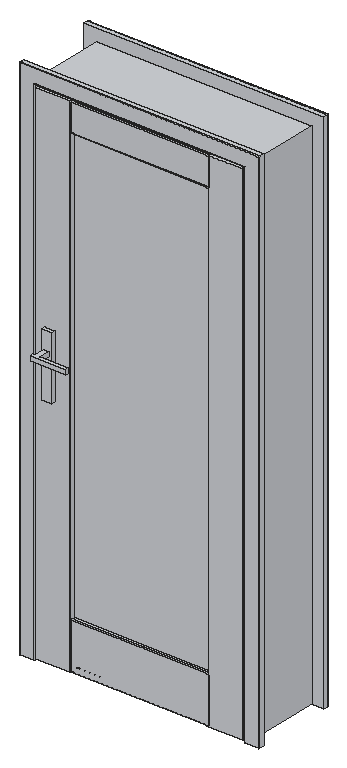
Revit family "b_portagrande_a0_pn60-100", category Drzwi, Revit 2016
Family settings
  Obiekt nadrzędny = Ściana
  Zawsze pionowo = Tak
  Tnij formami wycięć po wczytaniu = Nie
  Współdzielony = Nie
  Punkt obliczania pomieszczeń = Nie
Parameters (values of type "PN 80")
  Zakres szerokości muru [instance] = if(and(Szerokość ściany > 94 mm, Szerokość ściany < 120 mm), "B", (if(and(Szerokość ściany > 119 mm, Szerokość ściany < 140 mm), "C", (if(and(Szerokość ściany > 139 mm, Szerokość ściany < 160 mm), "D", (if(and(Szerokość ściany > 159 mm, Szerokość ściany < 180 mm), "E", (if(and(Szerokość ściany > 179 mm, Szerokość ściany < 200 mm), "F", (if(and(Szerokość ściany > 199 mm, Szerokość ściany < 220 mm), "G", (if(and(Szerokość ściany > 219 mm, Szerokość ściany < 240 mm), "H", (if(and(Szerokość ściany > 239 mm, Szerokość ściany < 260 mm), "I", (if(and(Szerokość ściany > 259 mm, Szerokość ściany < 280 mm), "J", (if(and(Szerokość ściany > 279 mm, Szerokość ściany < 301 mm), "K", "BRAK")))))))))))))))))))  # "K"
  Wysokość brutto = 2060 mm
  Szerokość ściany [instance] = 300 mm
  Szerokość brutto = 880 mm
  Model = "Porta GRANDE A.0"
  Konstrukcja analityczna = "<Brak>"
  Funkcja = Wewnętrzna
  URL = "www.porta.com.pl"
  Ss = 818 mm
  Sb = 846 mm
  Producent = "PORTA KMI POLAND"  # constant formula
  Keynote = ""
  Opis = "Własność Porta KMI Poland, wszelkie prawa zastrzeżone."  # constant formula
  Wysokość = 2016 mm
  Zakończenie ściany = Wg obiektu nadrzędnego
  Szerokość = 800 mm
  Materiał_skrzydło [instance] = none
  Materiał_ościeżnica [instance] = none
  Materiał_klamka [instance] = none
  Hs = 2017 mm
Types (5, lengths in mm): name | Szerokość brutto | Ss | Sb | Szerokość
  PN 70 | 780 | 718 | 746 | 700
  PN 60 | 680 | 618 | 646 | 600
  PN 80 | 880 | 818 | 846 | 800
  PN 90 | 980 | 918 | 946 | 900
  PN 100 | 1080 | 1018 | 1046 | 1000
Reference planes
  plane 1: y = 0
  plane 2 "Środek (Lewa/Prawa)": x = 0
  plane 3 "Lewy": x = -440
  plane 4 "Prawy": x = 440
  plane 5: z = 2060
  plane 6 "Zewnętrzna": y = 150
  plane 7 "Wewnętrzna": y = -150
  plane 8 "skrzydło": y = -129
Forms (mm)
  Sweep 1, solid, material <- "Materiał_ościeżnica"
    path in 3D
      loop
        line (-440, -150, 0) -> (-440, -150, 2060) -> (440, -150, 2060) -> (440, -150, 0)
    profile origin (-440, -150, 1030) x (0, -1, 0) y (1, 0, 0)
      loop
        line (-24, 39) -> (-72, 39) -> (-72, 17) -> (0, 17) -> (0, -33) -> (16, -33)
        arc (16, -33) -> (18.121, -32.121) -> (19, -30) r 3
        line (19, -30) -> (19, 24)
        arc (19, 24) -> (18.121, 26.121) -> (16, 27) r 3
        line (16, 27) -> (-24, 27) -> (-24, 39)
  Sweep 2, solid, material <- "Materiał_ościeżnica"
    path in 3D
      loop
        line (440, 150, 0) -> (440, 150, 2060) -> (-440, 150, 2060) -> (-440, 150, 0)
    profile origin (-440, 150, 1030) x (1, 0, 0) y (0, 1, 0)
      loop
        line (-33, 0) -> (17, 0) -> (17, -228) -> (39, -228) -> (39, -1)
        arc (39, -1) -> (37.536, 2.536) -> (34, 4) r 5
        line (34, 4) -> (25, 4) -> (25, 16)
        arc (25, 16) -> (24.121, 18.121) -> (22, 19) r 3
        line (22, 19) -> (-30, 19)
        arc (-30, 19) -> (-32.121, 18.121) -> (-33, 16) r 3
        line (-33, 16) -> (-33, 0)
  Sweep 3, solid, not visible
    path in 3D
      loop
        line (-440, -150, 0) -> (-440, -150, 2060)
    profile origin (-440, -150, 1030) x (0, -1, 0) y (1, 0, 0)
      loop
        line (-151, 17) -> (-149, 17) -> (-149, 19) -> (-151, 19) -> (-151, 17)
Cuts and joins
  joined: Sweep 1, Sweep 2
Lines and regions (mm)
  Opening 1
    outline origin (-3050, -150, 0) x (1, 0, 0) y (0, 0, 1)
      loop
        line (2610, 0) -> (3490, 0) -> (3490, 2060) -> (2610, 2060) -> (2610, 0)
  sketch lines
    curve 1: line (-440, -150, 0) -> (-440, -150, 2060)
    curve 2: line (-440, -150, 2060) -> (440, -150, 2060)
    curve 3: line (440, -150, 2060) -> (440, -150, 0)
    curve 4: line (-440, 150, 2060) -> (-440, 150, 0)
    curve 5: line (440, 150, 2060) -> (-440, 150, 2060)
    curve 6: line (440, 150, 0) -> (440, 150, 2060)
    curve 12: line (-440, -150, 0) -> (-440, -150, 2060)
  symbolic lines, style "DoorsPanelProjection"
    curve 7: line (409, -150, 0) -> (409, -968, 0)
    curve 8: line (409, -968, 0) -> (369, -968, 0)
    curve 9: line (369, -968, 0) -> (369, -150, 0)
    curve 10: line (369, -150, 0) -> (409, -150, 0)
  symbolic lines, style "Ugięcie rzutu"
    curve 11: arc (-409, -150, 0) -> (-169.413, -728.413, 0) -> (409, -968, 0) r 818
Text (mm)
  text "Zewnętrzna" at (-2295.016, 1099.543, 0), in view "Poziom odniesienia"
  text "Zewnętrzna" at (0, 1615.38, 3698.081), in view "Lewy"
  text "Zewnętrzna" at (0, 1036.032, 3874.932), in view "Prawy"
Dimensions and locks
  equal spacing: plane 3 "Lewy", plane 2 "Środek (Lewa/Prawa)", plane 4 "Prawy"
  "Szerokość brutto": plane 3 "Lewy" to plane 4 "Prawy"
  "Wysokość brutto": plane 5 to host wall
  host wall to plane 5 = 2060 mm  (x2)
  locked: plane 6 "Zewnętrzna" to host wall at 0
  locked: plane 7 "Wewnętrzna" to host wall
  "Sb": Sweep 1 to Sweep 1
  locked: Sweep 1 sketch curve to Sweep 1 sketch curve at 22
  Sweep 1 sketch curve to Sweep 1 sketch curve = 50 mm
  locked: Sweep 1 sketch curve to profile plane at 72
  locked: Sweep 2 sketch curve to Sweep 2 sketch curve at 50
  locked: Sweep 2 sketch curve to Sweep 2 sketch curve at 22
  locked: Sweep 2 sketch curve to plane 6 "Zewnętrzna" at 1
  locked: curve 9 to curve 7 at 40
  "Ss": curve 8 to curve 10
  equal spacing: curve 11, plane 2 "Środek (Lewa/Prawa)", curve 7
  locked: plane 7 "Wewnętrzna" to plane 8 "skrzydło" at 21
  locked: host wall to Sweep 3 sketch curve at 1
  locked: Sweep 3 sketch curve to host wall at 1
  locked: Sweep 3 sketch curve to plane 6 "Zewnętrzna" at 151
  locked: plane 7 "Wewnętrzna" to Sweep 3 sketch curve at 151
  equal spacing: nested 1, plane 2 "Środek (Lewa/Prawa)", nested 1
  locked: nested 1 to level at 8
  "Szerokość ściany": host wall to host wall
  aligned and locked: plane 3 "Lewy" to Opening 1 sketch curve
  aligned and locked: plane 5 to Opening 1 sketch curve  (x2)
  aligned and locked: Opening 1 sketch curve to plane 4 "Prawy"
  aligned and locked: Opening 1 sketch curve to level
  aligned and locked: plane 1 to host wall
  aligned and locked: Sweep 1 to Sweep 2 sketch curve
  aligned and locked: plane 7 "Wewnętrzna" to curve 10
  aligned and locked: Sweep 3 sketch curve to cut or joined group of Sweep 1, Sweep 2
  aligned and locked: Sweep 2 sketch curve to cut or joined group of Sweep 1, Sweep 2
  aligned and locked: nested 1 to plane 8 "skrzydło"
Automatic sketch dimensions
  profile plane to Sweep 1 sketch curve = 24 mm
  Sweep 1 sketch curve to profile plane = 16 mm  (x2)
  Sweep 1 sketch curve to Sweep 1 sketch curve = 3 mm
  profile plane to Sweep 1 sketch curve = 17 mm
  Sweep 1 sketch curve to Sweep 1 sketch curve = 7 mm
  Sweep 1 sketch curve to profile plane = 0 mm
  Sweep 2 sketch curve to profile plane = 0 mm
  Sweep 2 sketch curve to profile plane = 16 mm
  Sweep 2 sketch curve to Sweep 2 sketch curve = 3 mm
  Sweep 2 sketch curve to Sweep 2 sketch curve = 5 mm
  Sweep 2 sketch curve to profile plane = 4 mm
  Sweep 2 sketch curve to Sweep 2 sketch curve = 8 mm
  curve 11 to host wall = 0 mm
  Sweep 3 sketch curve to Sweep 3 sketch curve = 2 mm
Nested families
  nested 1: "skrzydło" at (0, -135.5, 0), Materiał_klamka <- "Materiał_klamka", Materiał_skrzydło <- "Materiał_skrzydło", type "skrzydło"
    with Materiał_skrzydło none, Materiał_klamka none
Definition of nested family "skrzydło"
  Parameters
    Ss = 818 mm
    Materiał_skrzydło [instance] = none
    Materiał_klamka [instance] = none
    Hs = 2017 mm
  Reference planes
    plane 1 "Tył": y = 6.5
    plane 2: z = 0
    plane 3 "Środek (Lewa/Prawa)": x = 0
    plane 4 "Lewa": x = -409
    plane 5 "Prawa": x = 409
    plane 6 "Przód": y = -33.5
    plane 7: z = 2025
    plane 8 "Centrum": y = -13.5
    plane 9: z = 8
    plane 10: x = -272
    plane 11: x = 272
  Forms (mm)
    Extrusion 1, solid, material <- "Materiał_skrzydło"
      sketch origin (-1191.728, -1524, 8) x (-1, 0, 0) y (0, -1, 0)
        loop
          line (-1465.378, -1490.5) -> (-1599.078, -1490.5)
          arc (-1599.078, -1490.5) -> (-1600.244, -1490.983) -> (-1600.728, -1492.15) r 1.65
          line (-1600.728, -1492.15) -> (-1600.728, -1528.8)
          arc (-1600.728, -1528.8) -> (-1600.23, -1530.002) -> (-1599.028, -1530.5) r 1.7
          line (-1599.028, -1530.5) -> (-1465.378, -1530.5)
          arc (-1465.378, -1530.5) -> (-1464.211, -1530.017) -> (-1463.728, -1528.85) r 1.65
          line (-1463.728, -1528.85) -> (-1463.728, -1492.15)
          arc (-1463.728, -1492.15) -> (-1464.211, -1490.983) -> (-1465.378, -1490.5) r 1.65
      from 0 to 2017
    Extrusion 2, solid, material <- "Materiał_skrzydło"
      sketch origin (0, 0, 0) x (0, 1, 0) y (0, 0, 1)
        loop
          line (4, 1911.65) -> (4, 2023.3)
          arc (4, 2023.3) -> (3.502, 2024.502) -> (2.3, 2025) r 1.7
          line (2.3, 2025) -> (-29.35, 2025)
          arc (-29.35, 2025) -> (-30.517, 2024.517) -> (-31, 2023.35) r 1.65
          line (-31, 2023.35) -> (-31, 1911.65)
          arc (-31, 1911.65) -> (-30.517, 1910.483) -> (-29.35, 1910) r 1.65
          line (-29.35, 1910) -> (2.35, 1910)
          arc (2.35, 1910) -> (3.517, 1910.483) -> (4, 1911.65) r 1.65
        loop
          line (2.35, 195) -> (-29.35, 195)
          arc (-29.35, 195) -> (-30.517, 194.517) -> (-31, 193.35) r 1.65
          line (-31, 193.35) -> (-31, 9.65)
          arc (-31, 9.65) -> (-30.517, 8.483) -> (-29.35, 8) r 1.65
          line (-29.35, 8) -> (-25, 8)
          arc (-25, 8) -> (-23.833, 8.483) -> (-23.35, 9.65) r 1.65
          arc (-23.35, 9.65) -> (-22.955, 10.605) -> (-22, 11) r 1.35
          line (-22, 11) -> (-5, 11)
          arc (-5, 11) -> (-4.045, 10.605) -> (-3.65, 9.65) r 1.35
          arc (-3.65, 9.65) -> (-3.167, 8.483) -> (-2, 8) r 1.65
          line (-2, 8) -> (2.35, 8)
          arc (2.35, 8) -> (3.517, 8.483) -> (4, 9.65) r 1.65
          line (4, 9.65) -> (4, 193.35)
          arc (4, 193.35) -> (3.517, 194.517) -> (2.35, 195) r 1.65
      from -272 to 272
    Extrusion 3, solid, material <- "Materiał_skrzydło"
      sketch origin (-892.016, -13.5, 1200) x (-1, 0, 0) y (0, 0, 1)
        loop
          line (-620.016, 710) -> (-1164.016, 710) -> (-1164.016, -1005) -> (-620.016, -1005) -> (-620.016, 710)
      from -4 to 4
    Extrusion 4, solid, material <- "Materiał_skrzydło"
      sketch origin (-1191.728, -1524, 8) x (-1, 0, 0) y (0, -1, 0)
        loop
          arc (-918.078, -1490.5) -> (-919.244, -1490.983) -> (-919.728, -1492.15) r 1.65
          line (-919.728, -1492.15) -> (-919.728, -1528.85)
          arc (-919.728, -1528.85) -> (-919.244, -1530.017) -> (-918.078, -1530.5) r 1.65
          line (-918.078, -1530.5) -> (-784.428, -1530.5)
          arc (-784.428, -1530.5) -> (-783.225, -1530.002) -> (-782.728, -1528.8) r 1.7
          line (-782.728, -1528.8) -> (-782.728, -1492.15)
          arc (-782.728, -1492.15) -> (-783.211, -1490.983) -> (-784.378, -1490.5) r 1.65
          line (-784.378, -1490.5) -> (-918.078, -1490.5)
      from 0 to 2017
  Dimensions and locks
    equal spacing: plane 4 "Lewa", plane 3 "Środek (Lewa/Prawa)", plane 5 "Prawa"
    "Ss": plane 4 "Lewa" to plane 5 "Prawa"
    locked: plane 9 to level at 8
    "Hs": plane 7 to plane 9
    locked: nested 1 to plane 9 at 934
    locked: plane 9 to nested 2 at 934
    equal spacing: plane 6 "Przód", plane 8 "Centrum", plane 1 "Tył"
    locked: plane 10 to plane 4 "Lewa" at 137
    locked: plane 5 "Prawa" to plane 11 at 137
    aligned and locked: nested 1 to plane 6 "Przód"
    aligned and locked: plane 5 "Prawa" to Extrusion 1 sketch curve
    aligned and locked: Extrusion 1 sketch curve to plane 1 "Tył"
    aligned and locked: Extrusion 1 sketch curve to plane 6 "Przód"
    aligned and locked: Extrusion 1 sketch curve to plane 11
    aligned and locked: plane 7 to Extrusion 1
    aligned and locked: Extrusion 2 to plane 10
    aligned and locked: plane 11 to Extrusion 2
    aligned and locked: plane 10 to Extrusion 3 sketch curve
    aligned and locked: plane 11 to Extrusion 3 sketch curve
    aligned and locked: plane 4 "Lewa" to Extrusion 4 sketch curve
    aligned and locked: Extrusion 4 sketch curve to plane 10
    aligned and locked: plane 7 to Extrusion 4
    aligned and locked: nested 2 to nested 1
  Automatic sketch dimensions
    Extrusion 4 sketch curve to plane 6 "Przód" = 0 mm
    plane 1 "Tył" to Extrusion 4 sketch curve = 0 mm
    Extrusion 4 sketch curve to plane 10 = 1.65 mm
    plane 1 "Tył" to Extrusion 4 sketch curve = 1.65 mm
    plane 4 "Lewa" to Extrusion 4 sketch curve = 1.7 mm
    plane 4 "Lewa" to Extrusion 4 sketch curve = 1.65 mm
    Extrusion 1 sketch curve to Extrusion 1 sketch curve = 1.65 mm
    Extrusion 1 sketch curve to plane 5 "Prawa" = 1.7 mm
    plane 11 to Extrusion 1 sketch curve = 1.65 mm  (x2)
    Extrusion 2 sketch curve to plane 7 = 0 mm
    Extrusion 2 sketch curve to plane 9 = 0 mm  (x2)
    plane 6 "Przód" to Extrusion 2 sketch curve = 2.5 mm  (x2)
    Extrusion 2 sketch curve to plane 7 = 1.65 mm
    Extrusion 2 sketch curve to Extrusion 2 sketch curve = 1.65 mm  (x5)
    plane 9 to Extrusion 2 sketch curve = 1.65 mm  (x2)
    Extrusion 2 sketch curve to Extrusion 2 sketch curve = 4.35 mm
    Extrusion 2 sketch curve to Extrusion 2 sketch curve = 0 mm  (x2)
    Extrusion 2 sketch curve to Extrusion 2 sketch curve = 1.35 mm
    plane 8 "Centrum" to Extrusion 2 sketch curve = 8.5 mm
    Extrusion 2 sketch curve to plane 7 = 1.7 mm
    plane 1 "Tył" to Extrusion 2 sketch curve = 4.2 mm
    plane 1 "Tył" to Extrusion 2 sketch curve = 4.15 mm  (x2)
    Extrusion 2 sketch curve to Extrusion 2 sketch curve = 182.35 mm
    Extrusion 2 sketch curve to Extrusion 2 sketch curve = 113.3 mm
    plane 9 to Extrusion 3 sketch curve = 187 mm
    Extrusion 3 sketch curve to Extrusion 3 sketch curve = 1715 mm
  Nested families
    nested 1: "KLAMKA" at (-354, -33.5, 1067), Materiał klamki <- "Materiał_klamka", type "KLAMKA"
      with Materiał klamki none
    nested 2: "KLAMKA" at (-354, 6.5, 1067), Materiał klamki <- "Materiał_klamka", type "KLAMKA"
      with Materiał klamki none
  Definition of nested family "KLAMKA"
    Parameters
      Materiał klamki [instance] = none
      Assembly Code = ""
      Default Elevation = 1219.2 mm
    Reference planes
      plane 1 "Center (Front/Back)": y = 0
      plane 2: z = 0
      plane 3 "Center (Left/Right)": x = 0
      plane 4: z = 125
      plane 5: z = -125
      plane 6: x = 20
      plane 7: x = -20
      plane 8: y = -70
      plane 9: y = -60
      plane 10: x = 10
      plane 11: x = -10
      plane 12: x = 120
      plane 13: z = 35
      plane 14: z = 55
      plane 15: y = -15
    Forms (mm)
      Extrusion 1, solid, material <- "Materiał klamki"
        sketch origin (0, 0, 0) x (1, 0, 0) y (0, 0, 1)
          loop
            line (-20, 125) -> (-20, -125) -> (20, -125) -> (20, 125) -> (-20, 125)
        from 0 to 15
      Extrusion 2, solid, material <- "Materiał klamki"
        sketch origin (0, 0, 0) x (1, 0, 0) y (0, 1, 0)
          loop
            line (-10, -15) -> (-10, -60) -> (-20, -60) -> (-20, -70) -> (120, -70) -> (120, -60) -> (10, -60) -> (10, -15) -> (-10, -15)
        from 35 to 55
    Dimensions and locks
      equal spacing: plane 4, plane 2, plane 5
      plane 4 to plane 5 = 250 mm
      equal spacing: plane 7, plane 3 "Center (Left/Right)", plane 6
      plane 7 to plane 6 = 40 mm
      plane 8 to plane 1 "Center (Front/Back)" = 70 mm
      plane 11 to plane 3 "Center (Left/Right)" to plane 10 = 10 mm locked, 10 mm locked
      plane 7 to plane 12 = 140 mm
      plane 15 to plane 1 "Center (Front/Back)" = 15 mm
      aligned and locked: plane 7 to Extrusion 1 sketch curve
      aligned and locked: Extrusion 1 sketch curve to plane 4
      aligned and locked: plane 5 to Extrusion 1 sketch curve
      aligned and locked: Extrusion 1 sketch curve to plane 6
      aligned and locked: plane 15 to Extrusion 1
      aligned and locked: Extrusion 1 to plane 1 "Center (Front/Back)"
      aligned and locked: plane 14 to Extrusion 2
      aligned and locked: Extrusion 2 to plane 13
    Automatic sketch dimensions
      Extrusion 2 sketch curve to plane 7 = 0 mm
      Extrusion 2 sketch curve to plane 9 = 0 mm  (x2)
      Extrusion 2 sketch curve to plane 11 = 0 mm
      Extrusion 2 sketch curve to plane 10 = 0 mm
      Extrusion 2 sketch curve to plane 12 = 0 mm
      Extrusion 2 sketch curve to plane 8 = 0 mm
      Extrusion 2 sketch curve to plane 15 = 0 mm
